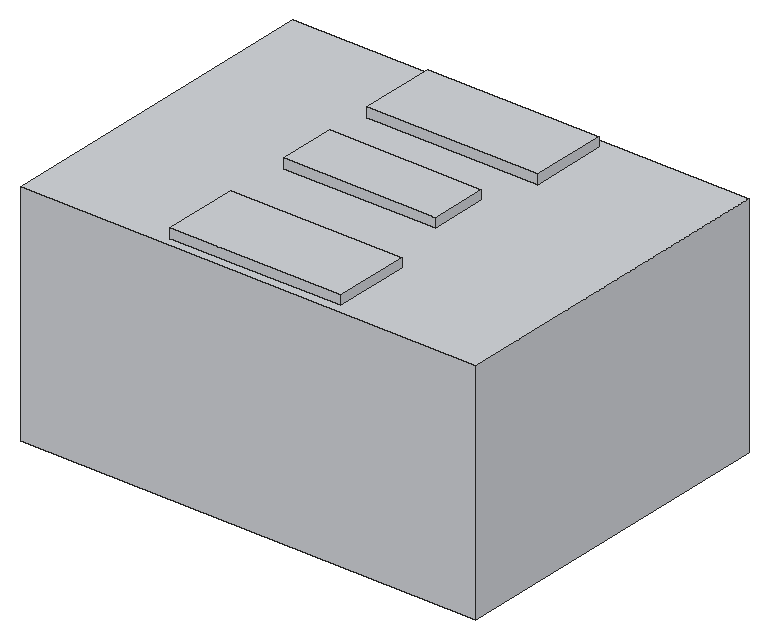
Revit family "55f9ceac85a94e11b42a0f11c653f68d", category Air Terminals, Revit 2021
Family settings
  Round Connector Dimension = Use Diameter
  Part Type = Normal
  OmniClass Number = 23.40.40.14.21.11
  OmniClass Title = Food Service Hoods
  Seek Item ID = Grease Hood - Bottom Discharge - Compensating - lsland-0000-USA-ENU
  Work Plane-Based = No
  Always vertical = Yes
  Cut with Voids When Loaded = No
  Shared = No
  Room Calculation Point = No
Parameters (values of type "Standard")
  Voltage = 120 V
  Supply Pressure Drop [instance] = 0.25 in-wg
  Supply Air Width [instance] = 18"
  Supply Air Height [instance] = 8"
  Supply Air Flow [instance] = 1250 CFM
  Number of Poles = 1
  Load Classification = Cooling
  Hood Width [instance] = 3' - 0"
  Hood Material = none
  Hood Length [instance] = 4' - 0"
  Hood Height [instance] = 2' - 0"
  Half Hood Width [instance] = 0.5 * Hood Width  # 1' - 6"
  Exhaust Pressure Drop [instance] = 0.55 in-wg
  Exhaust Air Width [instance] = 16"
  Exhaust Air Height [instance] = 6"
  Exhaust Air Flow [instance] = 50 FPM * Hood Width * Hood Length  # 600 CFM
  built-in parameter 1154647 = 0' - 0"
  Default Elevation [instance] = 3' - 0"
  C3 Offset 2 [instance] = 1' - 3"
  C3 Offset 1 [instance] = 1' - 4"
  C1 Offset 2 [instance] = 1' - 3"
  C1 Offset 1 [instance] = 0' - 1"
  Apparent Load [instance] = 65.00 W/ft² * Hood Width * Hood Length  # 780 VA
Reference planes (in)
  plane 1 "Center (Front/Back)": y = 0
  plane 2: z = 0
  plane 3 "Center (Left/Right)": x = 0
  plane 4: x = -24
  plane 5: x = 24
  plane 6: y = 18
  plane 7: y = -18
  plane 8: z = 36
  plane 9: z = 60
  plane 10: z = 35
  plane 11: z = 55
  plane 12: z = 49
  plane 13: x = -19
  plane 14: x = 19
  plane 15: z = 61
  plane 16: y = 15
  plane 17: y = 9
  plane 18: y = -9
  plane 19: y = -15
  plane 20: y = 19
  plane 21: y = -19
  plane 22: x = -9
  plane 23: x = -9
  plane 24: x = -9
  plane 25: y = -17
  plane 26: y = 17
  plane 27: y = -2
Forms (in)
  Extrusion 1, solid, material <- "Hood Material"
    sketch origin (0, 0, 0) x (1, 0, 0) y (0, 1, 0)
      loop
        line (-24, 18) -> (-24, -18) -> (24, -18) -> (24, 18) -> (-24, 18)
    from 36 to 60
  Extrusion 2, solid, material <- "Hood Material"
    sketch origin (0, 0, 0) x (1, 0, 0) y (0, 1, 0)
      loop
        line (-9, 17) -> (-9, 9) -> (9, 9) -> (9, 17) -> (-9, 17)
      loop
        line (-9, -17) -> (9, -17) -> (9, -9) -> (-9, -9) -> (-9, -17)
      loop
        line (-9, -2) -> (7, -2) -> (7, 4) -> (-9, 4) -> (-9, -2)
    from 60 to 61
  Extrusion 3, solid, material <- "Hood Material"
    sketch origin (0, 0, 0) x (1, 0, 0) y (0, 1, 0)
      loop
        line (-19, 15) -> (-19, 9) -> (19, 9) -> (19, 15) -> (-19, 15)
      loop
        line (-19, -9) -> (-19, -15) -> (19, -15) -> (19, -9) -> (-19, -9)
    from 35 to 36
  Extrusion 4, solid, material <- "Hood Material"
    sketch origin (0, 0, 0) x (1, 0, 0) y (0, 0, 1)
      loop
        line (19, 55) -> (-19, 55) -> (-19, 49) -> (19, 49) -> (19, 55)
    from -19 to -18
Cuts and joins
  joined: Extrusion 1, Extrusion 2, Extrusion 3, Extrusion 4
Dimensions and locks (in)
  equal spacing: plane 4, plane 3 "Center (Left/Right)", plane 5
  equal spacing: plane 6, plane 1 "Center (Front/Back)", plane 7
  "Hood Length": plane 4 to plane 5
  "Hood Width": plane 6 to plane 7
  "Default Elevation": plane 8 to plane 2
  locked: plane 8 to plane 10 at 1
  "Hood Height": plane 9 to plane 8
  locked: plane 9 to plane 11 at 5
  locked: plane 11 to plane 12 at 6
  locked: plane 13 to plane 4 at 5
  locked: plane 5 to plane 14 at 5
  locked: plane 15 to plane 9 at 1
  locked: plane 6 to plane 16 at 3
  locked: plane 16 to plane 17 at 6
  locked: plane 19 to plane 7 at 3
  locked: plane 18 to plane 19 at 6
  locked: plane 20 to plane 6 at 1
  locked: plane 7 to plane 21 at 1
  "C1 Offset 2": plane 4 to plane 22
  "C1 Offset 2": plane 4 to plane 23
  "C3 Offset 2": plane 4 to plane 24
  "C1 Offset 1": plane 25 to plane 7
  "C1 Offset 1": plane 6 to plane 26
  "C3 Offset 1": plane 27 to plane 7
  "Supply Air Width": Extrusion 2 sketch curve to Extrusion 2 sketch curve  (x2)
  "Supply Air Height": Extrusion 2 sketch curve to Extrusion 2 sketch curve  (x2)
  "Exhaust Air Width": Extrusion 2 sketch curve to Extrusion 2 sketch curve
  "Exhaust Air Height": Extrusion 2 sketch curve to Extrusion 2 sketch curve
  locked: plane 4 to connector elem at 6
  "Half Hood Width": connector elem to plane 6
  aligned and locked: plane 4 to Extrusion 1 sketch curve
  aligned and locked: Extrusion 1 sketch curve to plane 6
  aligned and locked: plane 7 to Extrusion 1 sketch curve
  aligned and locked: Extrusion 1 sketch curve to plane 5
  aligned and locked: plane 2 to level
  aligned and locked: Extrusion 1 to plane 8
  aligned and locked: plane 9 to Extrusion 1
  aligned and locked: Extrusion 2 sketch curve to plane 26
  aligned and locked: Extrusion 2 sketch curve to plane 22
  aligned and locked: Extrusion 2 sketch curve to plane 24
  aligned and locked: Extrusion 2 sketch curve to plane 25
  aligned and locked: Extrusion 2 sketch curve to plane 23
  aligned and locked: plane 15 to Extrusion 2
  aligned and locked: Extrusion 2 to plane 9
  aligned and locked: plane 13 to Extrusion 3 sketch curve  (x2)
  aligned and locked: Extrusion 3 sketch curve to plane 16
  aligned and locked: plane 17 to Extrusion 3 sketch curve
  aligned and locked: Extrusion 3 sketch curve to plane 14  (x2)
  aligned and locked: Extrusion 3 sketch curve to plane 18
  aligned and locked: plane 19 to Extrusion 3 sketch curve
  aligned and locked: plane 8 to Extrusion 3
  aligned and locked: Extrusion 3 to plane 10
  aligned and locked: Extrusion 4 sketch curve to plane 14
  aligned and locked: plane 13 to Extrusion 4 sketch curve
  aligned and locked: Extrusion 4 sketch curve to plane 11
  aligned and locked: plane 12 to Extrusion 4 sketch curve
  aligned and locked: plane 20 to Extrusion 4
  aligned and locked: Extrusion 4 to plane 6
Automatic sketch dimensions
  Extrusion 2 sketch curve to plane 27 = 0' - 0"
Connectors (in)
  hvac at (0, 13, 61), driven by "Supply Pressure Drop", driven by "Supply Air Flow", driven by "Supply Air Height", driven by "Supply Air Width"
    settings: on Extrusion 2, index 1, duct flow 1250 CFM, flow factor 0, pres drop 0.25 in-wg, loss coef 0, conn angle 0.00°, conn width 18", conn height 8", conn diameter 24", duct sys type 1, conn prof type 1, flow config 1, flow direction 1, loss method 4, conn ref index -1, conn util no, is conn primary no, conn desc ""
  hvac at (0, -13, 61), driven by "Supply Pressure Drop", driven by "Supply Air Flow", driven by "Supply Air Height", driven by "Supply Air Width"
    settings: on Extrusion 2, index 2, duct flow 1250 CFM, flow factor 0, pres drop 0.25 in-wg, loss coef 0, conn angle 0.00°, conn width 18", conn height 8", conn diameter 24", duct sys type 1, conn prof type 1, flow config 1, flow direction 1, loss method 4, conn ref index -1, conn util no, is conn primary no, conn desc ""
  hvac at (-1, 1, 61), driven by "Exhaust Pressure Drop", driven by "Exhaust Air Flow", driven by "Exhaust Air Height", driven by "Exhaust Air Width"
    settings: on Extrusion 2, index 3, duct flow 600 CFM, flow factor 0, pres drop 0.55 in-wg, loss coef 0, conn angle 0.00°, conn width 16", conn height 6", conn diameter 24", duct sys type 3, conn prof type 1, flow config 1, flow direction 2, loss method 4, conn ref index -1, conn util no, is conn primary yes, conn desc ""
  electrical at (-18, 0, 60), driven by "Apparent Load", driven by "Voltage", driven by "Number of Poles", driven by "Load Classification"
    settings: on Extrusion 1, index 4, voltage 120 V, apparent load 780 VA, apparent load phase1 0 VA, apparent load phase2 0 VA, apparent load phase3 0 VA, power factor 0.8, load classification "Cooling", number of poles 1, system type 30, power factor state 1, is connector primary yes, connector utility no, sub classification motor no, connector description ""
